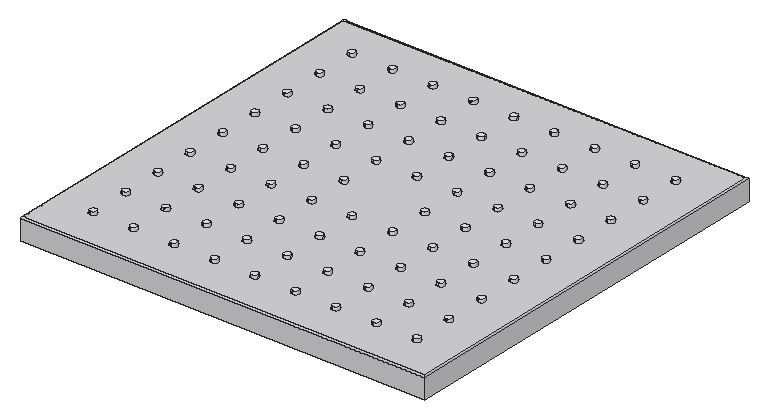
Revit family "Shower-Rainhead-KOHLER-Katalyst-13695W_1", category Plumbing Fixtures, host Face, Revit 2017
Family settings
  Host = Face
  Round Connector Dimension = Use Diameter
  Part Type = Normal
  OmniClass Number = 23.31.17.00
  OmniClass Title = Showers
  Cut with Voids When Loaded = No
  Shared = No
  Room Calculation Point = No
Parameters (values of type "CP-Polished Chrome")
  Width = 7 127/128"  # constant formula
  WaterSense Certified = 1 = 0  # no
  Waste Water Outlet = "Waste Water Outlet"  # constant formula
  Waste Connection = 1 = 0  # no
  Vent Connection = 1 = 0  # no
  URL = "https://www.kohler.co.uk/"
  Type = 1
  Product Page URL = "https://www.kohler.co.uk/showering/water-delivery/rainheads/katalyst-contemporary-square-rainhead-8in/"
  Product Name = "Katalyst"  # constant formula
  Product Documentation Link = "https://resources.kohler.com/plumbing/kohleruk/pdf/P6417%20Contemporary%20Square%20Rainheads.pdf"
  Pressure = 7.252 psi  # constant formula
  Panel Thickness = 0"
  Model = "13695W-CP"  # constant formula
  Material = "Brass Construction"  # constant formula
  Master Format 2014 Name = "Residential Showers"  # constant formula
  Master Format 2014 = "22 42 23"  # constant formula
  Manufacturer Address = "Cromwell Road, Cheltenham, Gloucestershire. GL52 5EP Registered in England No. 252115"  # constant formula
  Manufacturer = "KOHLER Co."  # constant formula
  Length = 7 127/128"  # constant formula
  Hot Water Inlet = "Tempered Water Inlet"  # constant formula
  Height = 2 97/128"  # constant formula
  HW Connection = 1 = 1  # yes
  Flow Rate = 0 GPM
  Finish = Kohler-Metal-CP-Polished_Chrome
  Environmental Product Declaration = ""
  Drain Included = 1 = 0  # no
  Description = "Contemporary square rainhead 8 inch"  # constant formula
  Default Elevation = 0"
  Declare Label = ""
  Date Modified = "07/24/2020"  # constant formula
  Date Created = "07/24/2020"  # constant formula
  Copyright = "Copyright KOHLER Co."  # constant formula
  Contact Us = "https://www.kohler.co.uk/support/contact/"
  Cold Water Inlet = "Cold Water Inlet"  # constant formula
  CW Connection = 1 = 0  # no
  Assembly Code = "D2010700"
  ADA Compliant = 1 = 0  # no
Reference planes (in)
  plane 1 "Center (Front/Back)": y = 0
  plane 2: z = 0
  plane 3 "Center (Left/Right)": x = 0
  plane 4: x = -3.996063
  plane 5: x = 3.9961245
  plane 6: x = -0.4949999
  plane 7: x = 0.4949999
  plane 8: y = 3.996063
  plane 9: y = -3.9961245
  plane 10: y = 0.4949999
  plane 11: y = -0.4949999
  plane 12: z = 2.7578125
  plane 13: z = 1.2065354
Dimensions and locks (in)
  "Width": plane 4 to plane 5
  "Length": plane 8 to plane 9
  "Height": plane 12 to level
  aligned and locked: plane 2 to host face
  aligned and locked: level to host face
  aligned and locked: plane 3 "Center (Left/Right)" to nested 1
Automatic sketch dimensions
  host sketch curve to host sketch curve = 96"  (x2)
Nested families (in)
  nested 1: "13695W" at (0, 0, 0), type "13695W"
Connectors (in)
  piping at (0, 0, 0), diameter 0.5, driven by "Flow Rate", driven by "Pressure", driven by "HW Connection", driven by "Hot Water Inlet"
    settings: on nested 1, index 1, connector inside diameter 24", connector length 0", flow factor 0, pipe flow 0 GPM, pressure drop 7.252 psi, fitting loss kfactor 0, connector angle 0.00°, fixture units 0, engagement length 0", angle of deflection 0.00°, flow configuration 0, flow direction 1, fitting loss method 4, system type 19, joint type 0, gender type 0, connector reference index -1, connector utility 1, adjustable connector no, is connector primary yes, connector description "Tempered Water Inlet"
Definition of nested family "13695W"
  Parameters (values of type "13695W")
    Material = none
  Reference planes (in)
    plane 1 "Center (Front/Back)": y = 0
    plane 2: z = 0
    plane 3 "Center (Left/Right)": x = 0
    plane 4: x = -3.996063
    plane 5: x = 3.996063
    plane 6: y = 3.996063
    plane 7: y = -3.996063
    plane 8: z = 2.7559055
    plane 9: z = 1.2065354
    plane 10: y = 0.4949999
    plane 11: y = -0.4949999
    plane 12: x = 0.4949999
    plane 13: x = -0.4949999
  Forms (in)
    Revolve 1, solid, material <- "Material", detail levels medium+fine
      sketch origin (0, 0, 0) x (0, 1, 0) y (0, 0, 1)
        loop
          line (0, 2.2734646) -> (-0.7185038, 2.2734646) -> (-0.7185038, 1.2065354) -> (-0.4441532, 1.2065354)
          arc (-0.4441532, 1.2065354) -> (-0.3955146, 1.1396082) -> (-0.3359782, 1.0821591) r 0.4739368
          arc (-0.3359782, 1.0821591) -> (-0.3108609, 1.0181229) -> (-0.3530283, 0.9637774) r 0.0696027
          arc (-0.3530283, 0.9637774) -> (-0.4562491, 0.8788874) -> (-0.495, 0.7509843) r 0.2304574
          line (-0.495, 0.7509843) -> (-0.495, 0.0228765)
          arc (-0.495, 0.0228765) -> (-0.4882996, 0.0067004) -> (-0.4721235, 0) r 0.0228765
          line (-0.4721235, 0) -> (0, 0) -> (0, 2.2734646)
        axis (0, 2.2734646) -> (0, 0)
      angle from 0 to 360
    Extrusion 2, void
      sketch origin (0, 0, 0) x (0, 1, 0) y (0, 0, 1)
        loop
          line (0.1949037, 0.1843319) -> (0.1949039, 0.7408901)
          arc (0.1949039, 0.7408901) -> (0.1767799, 0.8058173) -> (0.1276484, 0.8519706) r 0.125359
          arc (0.1276484, 0.8519706) -> (0.0657231, 0.8753822) -> (0, 0.8833394) r 0.2754029
          arc (0, 0.8833394) -> (-0.064471, 0.8756868) -> (-0.1253591, 0.8531545) r 0.2754029
          arc (-0.1253591, 0.8531545) -> (-0.1746555, 0.8074934) -> (-0.192873, 0.7428158) r 0.1239207
          line (-0.192873, 0.7428158) -> (-0.192873, 0.183977)
          arc (-0.192873, 0.183977) -> (-0.1881789, 0.1687875) -> (-0.1757333, 0.1588947) r 0.0269227
          arc (-0.1757333, 0.1588947) -> (0.0010312, 0.125715) -> (0.1777427, 0.1591755) r 0.4853916
          arc (0.1777427, 0.1591755) -> (0.1902049, 0.1691057) -> (0.1949037, 0.1843319) r 0.027019
      from 0.4464726 to 0.5295908
    Extrusion 3, void
      sketch origin (0, 0, 0) x (0, 1, 0) y (0, 0, -1)
        loop
          arc (0.1949037, -0.1843319) -> (0.1902049, -0.1691057) -> (0.1777427, -0.1591755) r 0.027019
          arc (0.1777427, -0.1591755) -> (0.0010312, -0.125715) -> (-0.1757333, -0.1588947) r 0.4853916
          arc (-0.1757333, -0.1588947) -> (-0.1881789, -0.1687875) -> (-0.192873, -0.183977) r 0.0269227
          line (-0.192873, -0.183977) -> (-0.192873, -0.7428158)
          arc (-0.192873, -0.7428158) -> (-0.1746555, -0.8074934) -> (-0.1253591, -0.8531545) r 0.1239207
          arc (-0.1253591, -0.8531545) -> (-0.064471, -0.8756868) -> (0, -0.8833394) r 0.2754029
          arc (0, -0.8833394) -> (0.0657231, -0.8753822) -> (0.1276484, -0.8519706) r 0.2754029
          arc (0.1276484, -0.8519706) -> (0.1767799, -0.8058173) -> (0.1949039, -0.7408901) r 0.125359
          line (0.1949039, -0.7408901) -> (0.1949037, -0.1843319)
      from 0.4464726 to 0.5295908
    Extrusion 4, void
      sketch origin (0, 0, 0) x (1, 0, 0) y (0, 0, 1)
        loop
          line (-0.2038614, 1.6789764) -> (-0.2038614, 1.1948167) -> (0.2038614, 1.1948167) -> (0.2038614, 1.6789764) -> (-0.2038614, 1.6789764)
      from 0.6889764 to 0.7565506
    Extrusion 5, void
      sketch origin (0, 0, 0) x (1, 0, 0) y (0, 0, -1)
        loop
          line (-0.2038614, -1.6789764) -> (0.2038614, -1.6789764) -> (0.2038614, -1.1948167) -> (-0.2038614, -1.1948167) -> (-0.2038614, -1.6789764)
      from 0.6889764 to 0.7565506
    Sweep 6, solid, material <- "Material", detail levels medium+fine
      path origin (0, 0, 0) x (1, 0, 0) y (0, 1, 0)
        loop
          line (-4, 4) -> (-4, -4) -> (4, -4) -> (4, 4) -> (-4, 4)
      profile origin (-4, 0, 0) x (1, 0, 0) y (0, 0, 1)
        loop
          arc (0.03125, 2.7) -> (0.0091529, 2.6908471) -> (0, 2.66875) r 0.03125
          line (0, 2.66875) -> (0, 2.2734646) -> (0.3870368, 2.2734646) -> (0.3870368, 2.7) -> (0.03125, 2.7)
    Extrusion 7, solid, material <- "Material", detail levels medium+fine
      sketch origin (0, 0, 0) x (1, 0, 0) y (0, 1, 0)
        loop
          line (-3.6129632, -3.6129632) -> (3.6129632, -3.6129632) -> (3.6129632, 3.6129632) -> (-3.6129632, 3.6129632) -> (-3.6129632, -3.6129632)
      from 2.2734646 to 2.7
    Extrusion 8, void
      sketch origin (0, 0, 0) x (1, 0, 0) y (0, 1, 0)
        loop
          circle (0.8007813, 0) r 0.074277
        loop
          circle (1.6015625, 0) r 0.074277
        loop
          circle (2.4023438, 0) r 0.074277
        loop
          circle (3.203125, 0) r 0.074277
        loop
          circle (3.203125, -0.8007813) r 0.074277
        loop
          circle (2.4023438, -0.8007813) r 0.074277
        loop
          circle (1.6015625, -0.8007813) r 0.074277
        loop
          circle (0.8007813, -0.8007813) r 0.074277
        loop
          circle (0.8007813, -1.6015625) r 0.074277
        loop
          circle (1.6015625, -1.6015625) r 0.074277
        loop
          circle (2.4023438, -1.6015625) r 0.074277
        loop
          circle (3.203125, -1.6015625) r 0.074277
        loop
          circle (2.4023438, -2.4023438) r 0.074277
        loop
          circle (1.6015625, -2.4023438) r 0.074277
        loop
          circle (0.8007813, -2.4023438) r 0.074277
        loop
          circle (0.8007813, -3.203125) r 0.074277
        loop
          circle (1.6015625, -3.203125) r 0.074277
        loop
          circle (2.4023438, -3.203125) r 0.074277
        loop
          circle (3.203125, -3.203125) r 0.074277
        loop
          circle (3.203125, -2.4023438) r 0.074277
        loop
          circle (-3.203125, -0.8007813) r 0.074277
        loop
          circle (-2.4023437, -0.8007813) r 0.074277
        loop
          circle (-1.6015625, -0.8007813) r 0.074277
        loop
          circle (-0.8007812, -0.8007813) r 0.074277
        loop
          circle (-0.8007812, -1.6015625) r 0.074277
        loop
          circle (-1.6015625, -1.6015625) r 0.074277
        loop
          circle (-2.4023437, -1.6015625) r 0.074277
        loop
          circle (-3.203125, -1.6015625) r 0.074277
        loop
          circle (-2.4023437, -2.4023438) r 0.074277
        loop
          circle (-1.6015625, -2.4023438) r 0.074277
        loop
          circle (-0.8007812, -2.4023438) r 0.074277
        loop
          circle (-0.8007812, -3.203125) r 0.074277
        loop
          circle (-1.6015625, -3.203125) r 0.074277
        loop
          circle (-2.4023437, -3.203125) r 0.074277
        loop
          circle (-3.203125, -3.203125) r 0.074277
        loop
          circle (-3.203125, -2.4023438) r 0.074277
        loop
          circle (-3.203125, 0.8007812) r 0.074277
        loop
          circle (-2.4023437, 0.8007812) r 0.074277
        loop
          circle (-1.6015625, 0.8007812) r 0.074277
        loop
          circle (-0.8007812, 0.8007812) r 0.074277
        loop
          circle (-0.8007812, 1.6015625) r 0.074277
        loop
          circle (-1.6015625, 1.6015625) r 0.074277
        loop
          circle (-2.4023437, 1.6015625) r 0.074277
        loop
          circle (-3.203125, 1.6015625) r 0.074277
        loop
          circle (-2.4023437, 2.4023437) r 0.074277
        loop
          circle (-1.6015625, 2.4023437) r 0.074277
        loop
          circle (-0.8007812, 2.4023437) r 0.074277
        loop
          circle (-0.8007812, 3.203125) r 0.074277
        loop
          circle (-1.6015625, 3.203125) r 0.074277
        loop
          circle (-2.4023437, 3.203125) r 0.074277
        loop
          circle (-3.203125, 3.203125) r 0.074277
        loop
          circle (-3.203125, 2.4023437) r 0.074277
        loop
          circle (3.203125, 0.8007812) r 0.074277
        loop
          circle (2.4023438, 0.8007812) r 0.074277
        loop
          circle (1.6015625, 0.8007812) r 0.074277
        loop
          circle (0.8007813, 0.8007812) r 0.074277
        loop
          circle (0.8007813, 1.6015625) r 0.074277
        loop
          circle (1.6015625, 1.6015625) r 0.074277
        loop
          circle (2.4023438, 1.6015625) r 0.074277
        loop
          circle (3.203125, 1.6015625) r 0.074277
        loop
          circle (2.4023438, 2.4023437) r 0.074277
        loop
          circle (1.6015625, 2.4023437) r 0.074277
        loop
          circle (0.8007813, 2.4023437) r 0.074277
        loop
          circle (0.8007813, 3.203125) r 0.074277
        loop
          circle (1.6015625, 3.203125) r 0.074277
        loop
          circle (2.4023438, 3.203125) r 0.074277
        loop
          circle (3.203125, 3.203125) r 0.074277
        loop
          circle (3.203125, 2.4023437) r 0.074277
        loop
          circle (-0.8007813, 0) r 0.074277
        loop
          circle (-1.6015625, 0) r 0.074277
        loop
          circle (-2.4023438, 0) r 0.074277
        loop
          circle (-3.203125, 0) r 0.074277
        loop
          circle (0, 3.203125) r 0.074277
        loop
          circle (0, 2.4023437) r 0.074277
        loop
          circle (0, 1.6015625) r 0.074277
        loop
          circle (0, 0.8007812) r 0.074277
        loop
          circle (0, -3.203125) r 0.074277
        loop
          circle (0, -2.4023437) r 0.074277
        loop
          circle (0, -1.6015625) r 0.074277
        loop
          circle (0, -0.8007812) r 0.074277
      from 2.5451181 to 2.8387985
    Extrusion 9, solid, material <- "Material", detail levels coarse
      sketch origin (0, 0, 0) x (1, 0, 0) y (0, 1, 0)
        loop
          circle (0, 0) r 0.7262627
      from 0 to 2.2734646
    Extrusion 10, solid, material <- "Material", detail levels coarse
      sketch origin (0, 0, 0) x (1, 0, 0) y (0, 1, 0)
        loop
          line (-4, 4) -> (-4, -4) -> (4, -4) -> (4, 4) -> (-4, 4)
      from 2.2734646 to 2.75
    Extrusion 11, solid, detail levels medium+fine
      sketch origin (0, 0, 0) x (1, 0, 0) y (0, 1, 0)
        loop
          circle (-3.2, 3.1986313) r 0.0639382
        loop
          circle (-2.4, 3.1986313) r 0.0639382
        loop
          circle (-1.6, 3.1986313) r 0.0639382
        loop
          circle (-0.8, 3.1986313) r 0.0639382
        loop
          circle (0, 3.1986313) r 0.0643354
        loop
          circle (0.8, 3.1986313) r 0.0639382
        loop
          circle (1.6, 3.1986313) r 0.0639382
        loop
          circle (2.4, 3.1986313) r 0.0639382
        loop
          circle (3.2, 3.1986313) r 0.0639382
        loop
          circle (3.2, 2.3986313) r 0.0639382
        loop
          circle (2.4, 2.3986313) r 0.0639382
        loop
          circle (1.6, 2.3986313) r 0.0639382
        loop
          circle (0.8, 2.3986313) r 0.0639382
        loop
          circle (0, 2.3986313) r 0.0642809
        loop
          circle (-0.8, 2.3986313) r 0.0639382
        loop
          circle (-1.6, 2.3986313) r 0.0639382
        loop
          circle (-2.4, 2.3986313) r 0.0639382
        loop
          circle (-3.2, 2.3986313) r 0.0639382
        loop
          circle (-3.2, 1.5986313) r 0.0639382
        loop
          circle (-2.4, 1.5986313) r 0.0639382
        loop
          circle (-1.6, 1.5986313) r 0.0639382
        loop
          circle (-0.8, 1.5986313) r 0.0639382
        loop
          circle (0, 1.5986313) r 0.0640079
        loop
          circle (0.8, 1.5986313) r 0.0639382
        loop
          circle (1.6, 1.5986313) r 0.0639382
        loop
          circle (2.4, 1.5986313) r 0.0639382
        loop
          circle (3.2, 1.5986313) r 0.0639382
        loop
          circle (3.2, 0.7986313) r 0.0639382
        loop
          circle (2.4, 0.7986313) r 0.0639382
        loop
          circle (1.6, 0.7986313) r 0.0639382
        loop
          circle (1.6, 0.0013687) r 0.0639382
        loop
          circle (2.4, 0.0013687) r 0.0639382
        loop
          circle (3.2, 0.0013687) r 0.0639382
        loop
          circle (0.8, 0.7986313) r 0.0639382
        loop
          circle (0.8, 0.0013687) r 0.0639382
        loop
          circle (0, 0.7986313) r 0.0639382
        loop
          circle (-0.8, 0.0013687) r 0.0639382
        loop
          circle (-0.8, 0.7986313) r 0.0639382
        loop
          circle (-1.6, 0.0013687) r 0.0639382
        loop
          circle (-1.6, 0.7986313) r 0.0639382
        loop
          circle (-2.4, 0.7986313) r 0.0639382
        loop
          circle (-2.4, 0.0013687) r 0.0639382
        loop
          circle (-3.2, 0.7986313) r 0.0639382
        loop
          circle (-3.2, 0.0013687) r 0.0639382
        loop
          circle (-3.2, -3.1986313) r 0.0639382
        loop
          circle (-2.4, -3.1986313) r 0.0639382
        loop
          circle (-1.6, -3.1986313) r 0.0639382
        loop
          circle (-0.8, -3.1986313) r 0.0639382
        loop
          circle (0, -3.1986313) r 0.0643354
        loop
          circle (0.8, -3.1986313) r 0.0639382
        loop
          circle (1.6, -3.1986313) r 0.0639382
        loop
          circle (2.4, -3.1986313) r 0.0639382
        loop
          circle (3.2, -3.1986313) r 0.0639382
        loop
          circle (3.2, -2.3986313) r 0.0639382
        loop
          circle (2.4, -2.3986313) r 0.0639382
        loop
          circle (1.6, -2.3986313) r 0.0639382
        loop
          circle (0.8, -2.3986313) r 0.0639382
        loop
          circle (0, -2.3986313) r 0.0642809
        loop
          circle (-0.8, -2.3986313) r 0.0639382
        loop
          circle (-1.6, -2.3986313) r 0.0639382
        loop
          circle (-2.4, -2.3986313) r 0.0639382
        loop
          circle (-3.2, -2.3986313) r 0.0639382
        loop
          circle (-3.2, -1.5986313) r 0.0639382
        loop
          circle (-2.4, -1.5986313) r 0.0639382
        loop
          circle (-1.6, -1.5986313) r 0.0639382
        loop
          circle (-0.8, -1.5986313) r 0.0639382
        loop
          circle (0, -1.5986313) r 0.0640079
        loop
          circle (0.8, -1.5986313) r 0.0639382
        loop
          circle (1.6, -1.5986313) r 0.0639382
        loop
          circle (2.4, -1.5986313) r 0.0639382
        loop
          circle (3.2, -1.5986313) r 0.0639382
        loop
          circle (3.2, -0.7986313) r 0.0639382
        loop
          circle (2.4, -0.7986313) r 0.0639382
        loop
          circle (1.6, -0.7986313) r 0.0639382
        loop
          circle (0.8, -0.7986313) r 0.0639382
        loop
          circle (0, -0.7986313) r 0.0639382
        loop
          circle (-0.8, -0.7986313) r 0.0639382
        loop
          circle (-1.6, -0.7986313) r 0.0639382
        loop
          circle (-2.4, -0.7986313) r 0.0639382
        loop
          circle (-3.2, -0.7986313) r 0.0639382
      from 2.5451181 to 2.75
    Extrusion 12, solid, material <- "Material", detail levels medium+fine
      sketch origin (0, 0, 0) x (1, 0, 0) y (0, 1, 0)
        loop
          circle (0, 0) r 0.0385249
      from 0 to 0.0631716
  Cuts and joins
    Extrusion 2, Extrusion 3, Extrusion 4, Extrusion 5 cuts Revolve 1
    Extrusion 8 cuts Sweep 6
    Extrusion 8 cuts Extrusion 7
    joined: Revolve 1, Sweep 6, Extrusion 7
    joined: Extrusion 9, Extrusion 10
  Lines and regions (in)
    Masking region 1
      outline origin (0, 0, 0) x (1, 0, 0) y (0, 0, 1)
        loop
          line (-3.2639382, 2.7559055) -> (-3.2639382, 2.7059055) -> (-3.9704177, 2.7059055)
          arc (-3.9704177, 2.7059055) -> (-3.9852316, 2.7019291) -> (-3.996063, 2.6910688) r 0.0295823
          line (-3.996063, 2.6910688) -> (-3.996063, 2.2734646) -> (-0.7185038, 2.2734646) -> (-0.7185038, 1.2065354) -> (-0.4430805, 1.2065354)
          arc (-0.4430805, 1.2065354) -> (-0.4120195, 1.1599688) -> (-0.3747725, 1.118185) r 0.4007034
          arc (-0.3747725, 1.118185) -> (-0.3540085, 1.098382) -> (-0.3328092, 1.0790458) r 1.289815
          arc (-0.3328092, 1.0790458) -> (-0.3109609, 1.0176019) -> (-0.3509435, 0.966084) r 0.0679102
          arc (-0.3509435, 0.966084) -> (-0.4093364, 0.9304909) -> (-0.4558782, 0.8803865) r 0.24961
          line (-0.4558782, 0.8803865) -> (-0.4558782, 0.182729)
          arc (-0.4558782, 0.182729) -> (-0.4588651, 0.1673631) -> (-0.4673906, 0.1542349) r 0.0410189
          line (-0.4673906, 0.1542349) -> (-0.4950045, 0.1256399) -> (-0.4950045, 0.0225493)
          arc (-0.4950045, 0.0225493) -> (-0.4884, 0.0066045) -> (-0.4724552, 0) r 0.0225493
          line (-0.4724552, 0) -> (0.4724552, 0)
          arc (0.4724552, 0) -> (0.4884, 0.0066045) -> (0.4950045, 0.0225493) r 0.0225493
          line (0.4950045, 0.0225493) -> (0.4950045, 0.1256399) -> (0.4673906, 0.1542349)
          arc (0.4673906, 0.1542349) -> (0.4588651, 0.1673631) -> (0.4558782, 0.182729) r 0.0410189
          line (0.4558782, 0.182729) -> (0.4558782, 0.8803865)
          arc (0.4558782, 0.8803865) -> (0.4093364, 0.9304909) -> (0.3509435, 0.966084) r 0.24961
          arc (0.3509435, 0.966084) -> (0.3109609, 1.0176019) -> (0.3328092, 1.0790458) r 0.0679102
          arc (0.3328092, 1.0790458) -> (0.3540085, 1.098382) -> (0.3747725, 1.118185) r 1.289815
          arc (0.3747725, 1.118185) -> (0.4120195, 1.1599688) -> (0.4430805, 1.2065354) r 0.4007034
          line (0.4430805, 1.2065354) -> (0.7185038, 1.2065354) -> (0.7185038, 2.2734646) -> (3.996063, 2.2734646) -> (3.996063, 2.6910688)
          arc (3.996063, 2.6910688) -> (3.9852316, 2.7019291) -> (3.9704177, 2.7059055) r 0.0295823
          line (3.9704177, 2.7059055) -> (3.2639382, 2.7059055) -> (3.2639382, 2.7559055) -> (3.1360618, 2.7559055) -> (3.1360618, 2.7059055) -> (2.4639382, 2.7059055) -> (2.4639382, 2.7559055) -> (2.3360618, 2.7559055) -> (2.3360618, 2.7059055) -> (1.6639382, 2.7059055) -> (1.6639382, 2.7559055) -> (1.5360618, 2.7559055) -> (1.5360618, 2.7059055) -> (0.8639382, 2.7059055) -> (0.8639382, 2.7559055) -> (0.7360618, 2.7559055) -> (0.7360618, 2.7059055) -> (0.0639382, 2.7059055) -> (0.0639382, 2.7559055) -> (-0.0639382, 2.7559055) -> (-0.0639382, 2.7059055) -> (-0.7360618, 2.7059055) -> (-0.7360618, 2.7559055) -> (-0.8639382, 2.7559055) -> (-0.8639382, 2.7059055) -> (-1.5360618, 2.7059055) -> (-1.5360618, 2.7559055) -> (-1.6639382, 2.7559055) -> (-1.6639382, 2.7059055) -> (-2.3360618, 2.7059055) -> (-2.3360618, 2.7559055) -> (-2.4639382, 2.7559055) -> (-2.4639382, 2.7059055) -> (-3.1360618, 2.7059055) -> (-3.1360618, 2.7559055) -> (-3.2639382, 2.7559055)
    Masking region 2
      outline origin (0, 0, 0) x (0, 1, 0) y (0, 0, 1)
        loop
          line (3.2625695, 2.7559055) -> (3.134693, 2.7559055) -> (3.134693, 2.7059055) -> (2.8898292, 2.7059055) -> (2.4625695, 2.7059055) -> (2.4625695, 2.7559055) -> (2.334693, 2.7559055) -> (2.334693, 2.7059055) -> (1.6625695, 2.7059055) -> (1.6625695, 2.7559055) -> (1.534693, 2.7559055) -> (1.534693, 2.7059055) -> (0.8625695, 2.7059055) -> (0.8625695, 2.7559055) -> (0.734693, 2.7559055) -> (0.734693, 2.7059055) -> (0.065307, 2.7059055) -> (0.065307, 2.7559055) -> (-0.0625695, 2.7559055) -> (-0.0625695, 2.7059055) -> (-0.734693, 2.7059055) -> (-0.734693, 2.7559055) -> (-0.8625695, 2.7559055) -> (-0.8625695, 2.7059055) -> (-1.534693, 2.7059055) -> (-1.534693, 2.7559055) -> (-1.6625695, 2.7559055) -> (-1.6625695, 2.7059055) -> (-2.334693, 2.7059055) -> (-2.334693, 2.7559055) -> (-2.4625695, 2.7559055) -> (-2.4625695, 2.7059055) -> (-2.8898292, 2.7059055) -> (-3.134693, 2.7059055) -> (-3.134693, 2.7559055) -> (-3.2625695, 2.7559055) -> (-3.2625695, 2.7059055) -> (-3.9684791, 2.7059055)
          arc (-3.9684791, 2.7059055) -> (-3.9844906, 2.701536) -> (-3.996063, 2.689639) r 0.0315209
          line (-3.996063, 2.689639) -> (-3.996063, 2.2734646) -> (-0.7185038, 2.2734646) -> (-0.7185038, 1.6789764) -> (-0.6874846, 1.6789764) -> (-0.6874846, 1.2065354) -> (-0.4441532, 1.2065354)
          arc (-0.4441532, 1.2065354) -> (-0.3965976, 1.1398247) -> (-0.3372189, 1.0833798) r 0.428653
          arc (-0.3372189, 1.0833798) -> (-0.3111412, 1.0188165) -> (-0.3539019, 0.963862) r 0.0697564
          arc (-0.3539019, 0.963862) -> (-0.456446, 0.8804392) -> (-0.4949999, 0.7539946) r 0.2266262
          line (-0.4949999, 0.7539946) -> (-0.4949999, 0.0233667)
          arc (-0.4949999, 0.0233667) -> (-0.488156, 0.0068439) -> (-0.4716332, 0) r 0.0233667
          line (-0.4716332, 0) -> (0.4716332, 0)
          arc (0.4716332, 0) -> (0.488156, 0.0068439) -> (0.4949999, 0.0233667) r 0.0233667
          line (0.4949999, 0.0233667) -> (0.4949999, 0.7539946)
          arc (0.4949999, 0.7539946) -> (0.456446, 0.8804392) -> (0.3539019, 0.963862) r 0.2266262
          arc (0.3539019, 0.963862) -> (0.3111412, 1.0188165) -> (0.3372189, 1.0833798) r 0.0697564
          arc (0.3372189, 1.0833798) -> (0.3965976, 1.1398247) -> (0.4441532, 1.2065354) r 0.428653
          line (0.4441532, 1.2065354) -> (0.6874846, 1.2065354) -> (0.6874846, 1.6789764) -> (0.7185038, 1.6789764) -> (0.7185038, 2.2734646) -> (3.996063, 2.2734646) -> (3.996063, 2.689639)
          arc (3.996063, 2.689639) -> (3.9844906, 2.701536) -> (3.9684791, 2.7059055) r 0.0315209
          line (3.9684791, 2.7059055) -> (3.2625695, 2.7059055) -> (3.2625695, 2.7559055)
    Masking region 3
      outline origin (0, 0, 0) x (1, 0, 0) y (0, 1, 0)
        loop
          line (3.996063, 3.996063) -> (-3.996063, 3.996063) -> (-3.996063, -3.996063) -> (3.996063, -3.996063) -> (3.996063, 3.996063)
    symbolic lines, detail levels medium+fine
      curve 1: line (-0.203861, 0, 1.2065354) -> (-0.203861, 0, 1.6789764)
      curve 2: line (0.203861, 0, 1.6789764) -> (-0.203861, 0, 1.6789764)
      curve 3: line (0.203861, 0, 1.6789764) -> (0.203861, 0, 1.2065354)
      curve 4: line (-0.4441532, 0, 1.2065354) -> (0.4430805, 0, 1.2065354)
      curve 5: line (-3.2639382, 0, 2.7059053) -> (-3.1360618, 0, 2.7059053)
      curve 6: line (-2.4639382, 0, 2.7059053) -> (-2.3360618, 0, 2.7059053)
      curve 7: line (-1.6639382, 0, 2.7059053) -> (-1.5360618, 0, 2.7059053)
      curve 8: line (-0.8639382, 0, 2.7059053) -> (-0.7360618, 0, 2.7059053)
      curve 9: line (-0.0639382, 0, 2.7059053) -> (0.0639382, 0, 2.7059053)
      curve 10: line (0.7360618, 0, 2.7059053) -> (0.8639382, 0, 2.7059053)
      curve 11: line (1.5360618, 0, 2.7059053) -> (1.6639382, 0, 2.7059053)
      curve 12: line (2.3360618, 0, 2.7059053) -> (2.4639382, 0, 2.7059053)
      curve 13: line (3.1360618, 0, 2.7059053) -> (3.2639382, 0, 2.7059053)
      curve 14: line (0, 0.4441532, 1.2065354) -> (0, -0.4441532, 1.2065354)
      curve 15: arc (0, 0, 0.8833394) -> (0, 0.0657231, 0.8753822) -> (0, 0.1276484, 0.8519706) r 0.2754029
      curve 16: arc (0, 0.1276484, 0.8519706) -> (0, 0.1767799, 0.8058173) -> (0, 0.1949039, 0.7408901) r 0.125359
      curve 17: line (0, 0.1949037, 0.1843319) -> (0, 0.1949039, 0.7408901)
      curve 18: arc (0, 0.1949037, 0.1843319) -> (0, 0.1902049, 0.1691057) -> (0, 0.1777427, 0.1591755) r 0.027019
      curve 19: arc (0, -0.1757333, 0.1588947) -> (0, -0.1881789, 0.1687875) -> (0, -0.192873, 0.183977) r 0.0269227
      curve 20: line (0, -0.192873, 0.7428158) -> (0, -0.192873, 0.183977)
      curve 21: arc (0, -0.192873, 0.7428158) -> (0, -0.1746555, 0.8074934) -> (0, -0.1253591, 0.8531545) r 0.1239207
      curve 22: arc (0, -0.1253591, 0.8531545) -> (0, -0.064471, 0.8756868) -> (0, 0, 0.8833394) r 0.2754029
      curve 23: arc (0, 0.1777427, 0.1591755) -> (0, 0.0010312, 0.125715) -> (0, -0.1757333, 0.1588947) r 0.4853916
      curve 24: line (0, 3.2625695, 2.7059056) -> (0, 3.134693, 2.7059056)
      curve 25: line (0, 2.4625695, 2.7059056) -> (0, 2.334693, 2.7059056)
      curve 26: line (0, 1.6625695, 2.7059056) -> (0, 1.534693, 2.7059056)
      curve 27: line (0, 0.8625695, 2.7059056) -> (0, 0.734693, 2.7059056)
      curve 28: line (0, 0.065307, 2.7059056) -> (0, -0.0625695, 2.7059056)
      curve 29: line (0, -0.734693, 2.7059056) -> (0, -0.8625695, 2.7059056)
      curve 30: line (0, -1.534693, 2.7059056) -> (0, -1.6625695, 2.7059056)
      curve 31: line (0, -2.334693, 2.7059056) -> (0, -2.4625695, 2.7059056)
      curve 32: line (0, -3.134693, 2.7059056) -> (0, -3.2625695, 2.7059056)
      curve 33: line (0, 0.7185038, 2.2734646) -> (0, -0.7185038, 2.2734646)
      curve 34: line (-0.7185038, 0, 2.2734646) -> (0.7185038, 0, 2.2734646)
      curve 35: arc (-3.128848, 3.203125, 0) -> (-3.203125, 3.277402, 0) -> (-3.277402, 3.203125, 0) r 0.074277
      curve 36: arc (-3.277402, 3.203125, 0) -> (-3.203125, 3.128848, 0) -> (-3.128848, 3.203125, 0) r 0.074277
      curve 37: arc (-3.2, 3.2625695, 0) -> (-3.2639382, 3.1986313, 0) -> (-3.2, 3.134693, 0) r 0.0639382
      curve 38: arc (-3.2, 3.134693, 0) -> (-3.1360618, 3.1986313, 0) -> (-3.2, 3.2625695, 0) r 0.0639382
      curve 39: arc (-3.128848, 2.4023437, 0) -> (-3.203125, 2.4766208, 0) -> (-3.277402, 2.4023437, 0) r 0.074277
      curve 40: arc (-3.2, 2.4625695, 0) -> (-3.2639382, 2.3986313, 0) -> (-3.2, 2.334693, 0) r 0.0639382
      curve 41: arc (-3.2, 2.334693, 0) -> (-3.1360618, 2.3986313, 0) -> (-3.2, 2.4625695, 0) r 0.0639382
      curve 42: arc (-3.277402, 2.4023437, 0) -> (-3.203125, 2.3280667, 0) -> (-3.128848, 2.4023437, 0) r 0.074277
      curve 43: arc (-3.128848, 1.6015625, 0) -> (-3.203125, 1.6758395, 0) -> (-3.277402, 1.6015625, 0) r 0.074277
      curve 44: arc (-3.277402, 1.6015625, 0) -> (-3.203125, 1.5272855, 0) -> (-3.128848, 1.6015625, 0) r 0.074277
      curve 45: arc (-3.2, 1.6625695, 0) -> (-3.2639382, 1.5986313, 0) -> (-3.2, 1.534693, 0) r 0.0639382
      curve 46: arc (-3.2, 1.534693, 0) -> (-3.1360618, 1.5986313, 0) -> (-3.2, 1.6625695, 0) r 0.0639382
      curve 47: arc (-3.128848, 0.8007812, 0) -> (-3.203125, 0.8750583, 0) -> (-3.277402, 0.8007812, 0) r 0.074277
      curve 48: arc (-3.277402, 0.8007812, 0) -> (-3.203125, 0.7265042, 0) -> (-3.128848, 0.8007812, 0) r 0.074277
      curve 49: arc (-3.2, 0.8625695, 0) -> (-3.2639382, 0.7986313, 0) -> (-3.2, 0.734693, 0) r 0.0639382
      curve 50: arc (-3.2, 0.734693, 0) -> (-3.1360618, 0.7986313, 0) -> (-3.2, 0.8625695, 0) r 0.0639382
      curve 51: arc (-3.128848, 0, 0) -> (-3.203125, 0.074277, 0) -> (-3.277402, 0, 0) r 0.074277
      curve 52: arc (-3.277402, 0, 0) -> (-3.203125, -0.074277, 0) -> (-3.128848, 0, 0) r 0.074277
      curve 53: circle (-3.2, 0.0013687, 0) r 0.0639382 normal (0, 0, -1)
      curve 54: arc (-2.3280667, 2.4023437, 0) -> (-2.4023437, 2.4766208, 0) -> (-2.4766208, 2.4023437, 0) r 0.074277
      curve 55: arc (-2.4766208, 2.4023437, 0) -> (-2.4023437, 2.3280667, 0) -> (-2.3280667, 2.4023437, 0) r 0.074277
      curve 56: arc (-2.4, 2.4625695, 0) -> (-2.4639382, 2.3986313, 0) -> (-2.4, 2.334693, 0) r 0.0639382
      curve 57: arc (-2.4, 2.334693, 0) -> (-2.3360618, 2.3986313, 0) -> (-2.4, 2.4625695, 0) r 0.0639382
      curve 58: arc (-2.3280667, 1.6015625, 0) -> (-2.4023437, 1.6758395, 0) -> (-2.4766208, 1.6015625, 0) r 0.074277
      curve 59: arc (-2.4766208, 1.6015625, 0) -> (-2.4023437, 1.5272855, 0) -> (-2.3280667, 1.6015625, 0) r 0.074277
      curve 60: arc (-2.4, 1.6625695, 0) -> (-2.4639382, 1.5986313, 0) -> (-2.4, 1.534693, 0) r 0.0639382
      curve 61: arc (-2.4, 1.534693, 0) -> (-2.3360618, 1.5986313, 0) -> (-2.4, 1.6625695, 0) r 0.0639382
      curve 62: arc (-2.3280667, 0.8007812, 0) -> (-2.4023437, 0.8750583, 0) -> (-2.4766208, 0.8007812, 0) r 0.074277
      curve 63: arc (-2.4, 0.8625695, 0) -> (-2.4639382, 0.7986313, 0) -> (-2.4, 0.734693, 0) r 0.0639382
      curve 64: arc (-2.4, 0.734693, 0) -> (-2.3360618, 0.7986313, 0) -> (-2.4, 0.8625695, 0) r 0.0639382
      curve 65: arc (-2.4766208, 0.8007812, 0) -> (-2.4023437, 0.7265042, 0) -> (-2.3280667, 0.8007812, 0) r 0.074277
      curve 66: arc (-2.3280667, 0, 0) -> (-2.4023438, 0.074277, 0) -> (-2.4766208, 0, 0) r 0.074277
      curve 67: arc (-2.4766208, 0, 0) -> (-2.4023438, -0.074277, 0) -> (-2.3280667, 0, 0) r 0.074277
      curve 68: circle (-2.4, 0.0013687, 0) r 0.0639382 normal (0, 0, -1)
      curve 69: circle (-1.6, 0.0013687, 0) r 0.0639382 normal (0, 0, -1)
      curve 70: circle (-0.8, 0.0013687, 0) r 0.0639382 normal (0, 0, -1)
      curve 71: circle (0, 0.7986313, 0) r 0.0639382 normal (0, 0, -1)
      curve 72: circle (0, 3.1986313, 0) r 0.0643354 normal (0, 0, 1)
      curve 73: circle (0, 2.3986313, 0) r 0.0642809 normal (0, 0, 1)
      curve 74: circle (0, 1.5986313, 0) r 0.0640079 normal (0, 0, 1)
      curve 75: arc (-1.6758395, 0.8007812, 0) -> (-1.6015625, 0.7265042, 0) -> (-1.5272855, 0.8007812, 0) r 0.074277
      curve 76: arc (-1.5272855, 0.8007812, 0) -> (-1.6015625, 0.8750583, 0) -> (-1.6758395, 0.8007812, 0) r 0.074277
      curve 77: arc (-1.6, 0.734693, 0) -> (-1.5360618, 0.7986313, 0) -> (-1.6, 0.8625695, 0) r 0.0639382
      curve 78: arc (-1.6, 0.8625695, 0) -> (-1.6639382, 0.7986313, 0) -> (-1.6, 0.734693, 0) r 0.0639382
      curve 79: arc (-1.5272855, 1.6015625, 0) -> (-1.6015625, 1.6758395, 0) -> (-1.6758395, 1.6015625, 0) r 0.074277
      curve 80: arc (-1.6758395, 1.6015625, 0) -> (-1.6072274, 1.5275018, 0) -> (-1.5281496, 1.5902657, 0) r 0.074277
      curve 81: arc (-1.6, 1.534693, 0) -> (-1.5360618, 1.5986313, 0) -> (-1.6, 1.6625695, 0) r 0.0639382
      curve 82: arc (-1.6, 1.6625695, 0) -> (-1.6639382, 1.5986313, 0) -> (-1.6, 1.534693, 0) r 0.0639382
      curve 83: arc (-1.5272855, 2.4023437, 0) -> (-1.6015625, 2.4766208, 0) -> (-1.6758395, 2.4023437, 0) r 0.074277
      curve 84: arc (-1.6758395, 2.4023437, 0) -> (-1.6015625, 2.3280667, 0) -> (-1.5272855, 2.4023437, 0) r 0.074277
      curve 85: arc (-1.6, 2.334693, 0) -> (-1.5360618, 2.3986313, 0) -> (-1.6, 2.4625695, 0) r 0.0639382
      curve 86: arc (-1.6, 2.4625695, 0) -> (-1.6639382, 2.3986313, 0) -> (-1.6, 2.334693, 0) r 0.0639382
      curve 87: arc (-1.5272855, 3.203125, 0) -> (-1.6015625, 3.277402, 0) -> (-1.6758395, 3.203125, 0) r 0.074277
      curve 88: arc (-1.6758395, 3.203125, 0) -> (-1.6015625, 3.128848, 0) -> (-1.5272855, 3.203125, 0) r 0.074277
      curve 89: arc (-1.6, 3.134693, 0) -> (-1.5360618, 3.1986313, 0) -> (-1.6, 3.2625695, 0) r 0.0639382
      curve 90: arc (-1.6, 3.2625695, 0) -> (-1.6639382, 3.1986313, 0) -> (-1.6, 3.134693, 0) r 0.0639382
      curve 91: arc (-0.7265042, 3.203125, 0) -> (-0.8007812, 3.277402, 0) -> (-0.8750583, 3.203125, 0) r 0.074277
      curve 92: arc (-0.8750583, 3.203125, 0) -> (-0.8007812, 3.128848, 0) -> (-0.7265042, 3.203125, 0) r 0.074277
      curve 93: arc (-0.8, 3.2625695, 0) -> (-0.8639382, 3.1986313, 0) -> (-0.8, 3.134693, 0) r 0.0639382
      curve 94: arc (-0.8, 3.134693, 0) -> (-0.7360618, 3.1986313, 0) -> (-0.8, 3.2625695, 0) r 0.0639382
      curve 95: arc (-0.7265042, 2.4023437, 0) -> (-0.8007812, 2.4766208, 0) -> (-0.8750583, 2.4023437, 0) r 0.074277
      curve 96: arc (-0.8750583, 2.4023437, 0) -> (-0.8007812, 2.3280667, 0) -> (-0.7265042, 2.4023437, 0) r 0.074277
      curve 97: arc (-0.8, 2.4625695, 0) -> (-0.8639382, 2.3986313, 0) -> (-0.8, 2.334693, 0) r 0.0639382
      curve 98: arc (-0.8, 2.334693, 0) -> (-0.7360618, 2.3986313, 0) -> (-0.8, 2.4625695, 0) r 0.0639382
      curve 99: arc (-0.7265042, 1.6015625, 0) -> (-0.8007812, 1.6758395, 0) -> (-0.8750583, 1.6015625, 0) r 0.074277
      curve 100: arc (-0.8750583, 1.6015625, 0) -> (-0.8007812, 1.5272855, 0) -> (-0.7265042, 1.6015625, 0) r 0.074277
      curve 101: arc (-0.8, 1.6625695, 0) -> (-0.8639382, 1.5986313, 0) -> (-0.8, 1.534693, 0) r 0.0639382
      curve 102: arc (-0.8, 1.534693, 0) -> (-0.7360618, 1.5986313, 0) -> (-0.8, 1.6625695, 0) r 0.0639382
      curve 103: arc (-0.7265042, 0.8007812, 0) -> (-0.8007812, 0.8750583, 0) -> (-0.8750583, 0.8007812, 0) r 0.074277
      curve 104: arc (-0.8750583, 0.8007812, 0) -> (-0.8007812, 0.7265042, 0) -> (-0.7265042, 0.8007812, 0) r 0.074277
      curve 105: arc (-0.8, 0.8625695, 0) -> (-0.8639382, 0.7986313, 0) -> (-0.8, 0.734693, 0) r 0.0639382
      curve 106: arc (-0.8, 0.734693, 0) -> (-0.7360618, 0.7986313, 0) -> (-0.8, 0.8625695, 0) r 0.0639382
      curve 107: arc (-2.3280667, 3.203125, 0) -> (-2.4023437, 3.277402, 0) -> (-2.4766208, 3.203125, 0) r 0.074277
      curve 108: arc (-2.4766208, 3.203125, 0) -> (-2.4023437, 3.128848, 0) -> (-2.3280667, 3.203125, 0) r 0.074277
      curve 109: arc (-2.4, 3.2625695, 0) -> (-2.4639382, 3.1986313, 0) -> (-2.4, 3.134693, 0) r 0.0639382
      curve 110: arc (-2.4, 3.134693, 0) -> (-2.3360618, 3.1986313, 0) -> (-2.4, 3.2625695, 0) r 0.0639382
      curve 111: arc (-3.128848, -3.203125, 0) -> (-3.203125, -3.277402, 0) -> (-3.277402, -3.203125, 0) r 0.074277
      curve 112: arc (-3.277402, -3.203125, 0) -> (-3.203125, -3.128848, 0) -> (-3.128848, -3.203125, 0) r 0.074277
      curve 113: arc (-3.2, -3.2625695, 0) -> (-3.2639382, -3.1986313, 0) -> (-3.2, -3.134693, 0) r 0.0639382
      curve 114: arc (-3.2, -3.134693, 0) -> (-3.1360618, -3.1986313, 0) -> (-3.2, -3.2625695, 0) r 0.0639382
      curve 115: arc (-3.128848, -2.4023437, 0) -> (-3.203125, -2.4766208, 0) -> (-3.277402, -2.4023437, 0) r 0.074277
      curve 116: arc (-3.2, -2.4625695, 0) -> (-3.2639382, -2.3986313, 0) -> (-3.2, -2.334693, 0) r 0.0639382
      curve 117: arc (-3.2, -2.334693, 0) -> (-3.1360618, -2.3986313, 0) -> (-3.2, -2.4625695, 0) r 0.0639382
      curve 118: arc (-3.277402, -2.4023437, 0) -> (-3.203125, -2.3280667, 0) -> (-3.128848, -2.4023437, 0) r 0.074277
      curve 119: arc (-3.128848, -1.6015625, 0) -> (-3.203125, -1.6758395, 0) -> (-3.277402, -1.6015625, 0) r 0.074277
      curve 120: arc (-3.277402, -1.6015625, 0) -> (-3.203125, -1.5272855, 0) -> (-3.128848, -1.6015625, 0) r 0.074277
      curve 121: arc (-3.2, -1.6625695, 0) -> (-3.2639382, -1.5986313, 0) -> (-3.2, -1.534693, 0) r 0.0639382
      curve 122: arc (-3.2, -1.534693, 0) -> (-3.1360618, -1.5986313, 0) -> (-3.2, -1.6625695, 0) r 0.0639382
      curve 123: arc (-3.128848, -0.8007812, 0) -> (-3.203125, -0.8750583, 0) -> (-3.277402, -0.8007812, 0) r 0.074277
      curve 124: arc (-3.277402, -0.8007812, 0) -> (-3.203125, -0.7265042, 0) -> (-3.128848, -0.8007812, 0) r 0.074277
      curve 125: arc (-3.2, -0.8625695, 0) -> (-3.2639382, -0.7986313, 0) -> (-3.2, -0.734693, 0) r 0.0639382
      curve 126: arc (-3.2, -0.734693, 0) -> (-3.1360618, -0.7986313, 0) -> (-3.2, -0.8625695, 0) r 0.0639382
      curve 127: arc (-2.3280667, -2.4023437, 0) -> (-2.4023437, -2.4766208, 0) -> (-2.4766208, -2.4023437, 0) r 0.074277
      curve 128: arc (-2.4766208, -2.4023437, 0) -> (-2.4023437, -2.3280667, 0) -> (-2.3280667, -2.4023437, 0) r 0.074277
      curve 129: arc (-2.4, -2.4625695, 0) -> (-2.4639382, -2.3986313, 0) -> (-2.4, -2.334693, 0) r 0.0639382
      curve 130: arc (-2.4, -2.334693, 0) -> (-2.3360618, -2.3986313, 0) -> (-2.4, -2.4625695, 0) r 0.0639382
      curve 131: arc (-2.3280667, -1.6015625, 0) -> (-2.4023437, -1.6758395, 0) -> (-2.4766208, -1.6015625, 0) r 0.074277
      curve 132: arc (-2.4766208, -1.6015625, 0) -> (-2.4023437, -1.5272855, 0) -> (-2.3280667, -1.6015625, 0) r 0.074277
      curve 133: arc (-2.4, -1.6625695, 0) -> (-2.4639382, -1.5986313, 0) -> (-2.4, -1.534693, 0) r 0.0639382
      curve 134: arc (-2.4, -1.534693, 0) -> (-2.3360618, -1.5986313, 0) -> (-2.4, -1.6625695, 0) r 0.0639382
      curve 135: arc (-2.3280667, -0.8007812, 0) -> (-2.4023437, -0.8750583, 0) -> (-2.4766208, -0.8007812, 0) r 0.074277
      curve 136: arc (-2.4, -0.8625695, 0) -> (-2.4639382, -0.7986313, 0) -> (-2.4, -0.734693, 0) r 0.0639382
      curve 137: arc (-2.4, -0.734693, 0) -> (-2.3360618, -0.7986313, 0) -> (-2.4, -0.8625695, 0) r 0.0639382
      curve 138: arc (-2.4766208, -0.8007812, 0) -> (-2.4023437, -0.7265042, 0) -> (-2.3280667, -0.8007812, 0) r 0.074277
      curve 139: arc (-1.6758395, -0.8007812, 0) -> (-1.6015625, -0.7265042, 0) -> (-1.5272855, -0.8007812, 0) r 0.074277
      curve 140: arc (-1.5272855, -0.8007812, 0) -> (-1.6015625, -0.8750583, 0) -> (-1.6758395, -0.8007812, 0) r 0.074277
      curve 141: arc (-1.6, -0.734693, 0) -> (-1.5360618, -0.7986313, 0) -> (-1.6, -0.8625695, 0) r 0.0639382
      curve 142: arc (-1.6, -0.8625695, 0) -> (-1.6639382, -0.7986313, 0) -> (-1.6, -0.734693, 0) r 0.0639382
      curve 143: arc (-1.5272855, -1.6015625, 0) -> (-1.6015625, -1.6758395, 0) -> (-1.6758395, -1.6015625, 0) r 0.074277
      curve 144: arc (-1.6758395, -1.6015625, 0) -> (-1.6072274, -1.5275018, 0) -> (-1.5281496, -1.5902657, 0) r 0.074277
      curve 145: arc (-1.6, -1.534693, 0) -> (-1.5360618, -1.5986313, 0) -> (-1.6, -1.6625695, 0) r 0.0639382
      curve 146: arc (-1.6, -1.6625695, 0) -> (-1.6639382, -1.5986313, 0) -> (-1.6, -1.534693, 0) r 0.0639382
      curve 147: arc (-1.5272855, -2.4023437, 0) -> (-1.6015625, -2.4766208, 0) -> (-1.6758395, -2.4023437, 0) r 0.074277
      curve 148: arc (-1.6758395, -2.4023437, 0) -> (-1.6015625, -2.3280667, 0) -> (-1.5272855, -2.4023437, 0) r 0.074277
      curve 149: arc (-1.6, -2.334693, 0) -> (-1.5360618, -2.3986313, 0) -> (-1.6, -2.4625695, 0) r 0.0639382
      curve 150: arc (-1.6, -2.4625695, 0) -> (-1.6639382, -2.3986313, 0) -> (-1.6, -2.334693, 0) r 0.0639382
      curve 151: arc (-1.5272855, -3.203125, 0) -> (-1.6015625, -3.277402, 0) -> (-1.6758395, -3.203125, 0) r 0.074277
      curve 152: arc (-1.6758395, -3.203125, 0) -> (-1.6015625, -3.128848, 0) -> (-1.5272855, -3.203125, 0) r 0.074277
      curve 153: arc (-1.6, -3.134693, 0) -> (-1.5360618, -3.1986313, 0) -> (-1.6, -3.2625695, 0) r 0.0639382
      curve 154: arc (-1.6, -3.2625695, 0) -> (-1.6639382, -3.1986313, 0) -> (-1.6, -3.134693, 0) r 0.0639382
      curve 155: arc (-0.7265042, -3.203125, 0) -> (-0.8007812, -3.277402, 0) -> (-0.8750583, -3.203125, 0) r 0.074277
      curve 156: arc (-0.8750583, -3.203125, 0) -> (-0.8007812, -3.128848, 0) -> (-0.7265042, -3.203125, 0) r 0.074277
      curve 157: arc (-0.8, -3.2625695, 0) -> (-0.8639382, -3.1986313, 0) -> (-0.8, -3.134693, 0) r 0.0639382
      curve 158: arc (-0.8, -3.134693, 0) -> (-0.7360618, -3.1986313, 0) -> (-0.8, -3.2625695, 0) r 0.0639382
      curve 159: arc (-0.7265042, -2.4023437, 0) -> (-0.8007812, -2.4766208, 0) -> (-0.8750583, -2.4023437, 0) r 0.074277
      curve 160: arc (-0.8750583, -2.4023437, 0) -> (-0.8007812, -2.3280667, 0) -> (-0.7265042, -2.4023437, 0) r 0.074277
      curve 161: arc (-0.8, -2.4625695, 0) -> (-0.8639382, -2.3986313, 0) -> (-0.8, -2.334693, 0) r 0.0639382
      curve 162: arc (-0.8, -2.334693, 0) -> (-0.7360618, -2.3986313, 0) -> (-0.8, -2.4625695, 0) r 0.0639382
      curve 163: arc (-0.7265042, -1.6015625, 0) -> (-0.8007812, -1.6758395, 0) -> (-0.8750583, -1.6015625, 0) r 0.074277
      curve 164: arc (-0.8750583, -1.6015625, 0) -> (-0.8007812, -1.5272855, 0) -> (-0.7265042, -1.6015625, 0) r 0.074277
      curve 165: arc (-0.8, -1.6625695, 0) -> (-0.8639382, -1.5986313, 0) -> (-0.8, -1.534693, 0) r 0.0639382
      curve 166: arc (-0.8, -1.534693, 0) -> (-0.7360618, -1.5986313, 0) -> (-0.8, -1.6625695, 0) r 0.0639382
      curve 167: arc (-0.7265042, -0.8007812, 0) -> (-0.8007812, -0.8750583, 0) -> (-0.8750583, -0.8007812, 0) r 0.074277
      curve 168: arc (-0.8750583, -0.8007812, 0) -> (-0.8007812, -0.7265042, 0) -> (-0.7265042, -0.8007812, 0) r 0.074277
      curve 169: arc (-0.8, -0.8625695, 0) -> (-0.8639382, -0.7986313, 0) -> (-0.8, -0.734693, 0) r 0.0639382
      curve 170: arc (-0.8, -0.734693, 0) -> (-0.7360618, -0.7986313, 0) -> (-0.8, -0.8625695, 0) r 0.0639382
      curve 171: arc (-2.3280667, -3.203125, 0) -> (-2.4023437, -3.277402, 0) -> (-2.4766208, -3.203125, 0) r 0.074277
      curve 172: arc (-2.4766208, -3.203125, 0) -> (-2.4023437, -3.128848, 0) -> (-2.3280667, -3.203125, 0) r 0.074277
      curve 173: arc (-2.4, -3.2625695, 0) -> (-2.4639382, -3.1986313, 0) -> (-2.4, -3.134693, 0) r 0.0639382
      curve 174: arc (-2.4, -3.134693, 0) -> (-2.3360618, -3.1986313, 0) -> (-2.4, -3.2625695, 0) r 0.0639382
      curve 175: arc (3.128848, -3.203125, 0) -> (3.203125, -3.277402, 0) -> (3.277402, -3.203125, 0) r 0.074277
      curve 176: arc (3.277402, -3.203125, 0) -> (3.203125, -3.128848, 0) -> (3.128848, -3.203125, 0) r 0.074277
      curve 177: arc (3.2, -3.2625695, 0) -> (3.2639382, -3.1986313, 0) -> (3.2, -3.134693, 0) r 0.0639382
      curve 178: arc (3.2, -3.134693, 0) -> (3.1360618, -3.1986313, 0) -> (3.2, -3.2625695, 0) r 0.0639382
      curve 179: arc (3.128848, -2.4023437, 0) -> (3.203125, -2.4766208, 0) -> (3.277402, -2.4023437, 0) r 0.074277
      curve 180: arc (3.2, -2.4625695, 0) -> (3.2639382, -2.3986313, 0) -> (3.2, -2.334693, 0) r 0.0639382
      curve 181: arc (3.2, -2.334693, 0) -> (3.1360618, -2.3986313, 0) -> (3.2, -2.4625695, 0) r 0.0639382
      curve 182: arc (3.277402, -2.4023437, 0) -> (3.203125, -2.3280667, 0) -> (3.128848, -2.4023437, 0) r 0.074277
      curve 183: arc (3.128848, -1.6015625, 0) -> (3.203125, -1.6758395, 0) -> (3.277402, -1.6015625, 0) r 0.074277
      curve 184: arc (3.277402, -1.6015625, 0) -> (3.203125, -1.5272855, 0) -> (3.128848, -1.6015625, 0) r 0.074277
      curve 185: arc (3.2, -1.6625695, 0) -> (3.2639382, -1.5986313, 0) -> (3.2, -1.534693, 0) r 0.0639382
      curve 186: arc (3.2, -1.534693, 0) -> (3.1360618, -1.5986313, 0) -> (3.2, -1.6625695, 0) r 0.0639382
      curve 187: arc (3.128848, -0.8007812, 0) -> (3.203125, -0.8750583, 0) -> (3.277402, -0.8007812, 0) r 0.074277
      curve 188: arc (3.277402, -0.8007812, 0) -> (3.203125, -0.7265042, 0) -> (3.128848, -0.8007812, 0) r 0.074277
      curve 189: arc (3.2, -0.8625695, 0) -> (3.2639382, -0.7986313, 0) -> (3.2, -0.734693, 0) r 0.0639382
      curve 190: arc (3.2, -0.734693, 0) -> (3.1360618, -0.7986313, 0) -> (3.2, -0.8625695, 0) r 0.0639382
      curve 191: arc (2.3280667, -2.4023437, 0) -> (2.4023437, -2.4766208, 0) -> (2.4766208, -2.4023437, 0) r 0.074277
      curve 192: arc (2.4766208, -2.4023437, 0) -> (2.4023437, -2.3280667, 0) -> (2.3280667, -2.4023437, 0) r 0.074277
      curve 193: arc (2.4, -2.4625695, 0) -> (2.4639382, -2.3986313, 0) -> (2.4, -2.334693, 0) r 0.0639382
      curve 194: arc (2.4, -2.334693, 0) -> (2.3360618, -2.3986313, 0) -> (2.4, -2.4625695, 0) r 0.0639382
      curve 195: arc (2.3280667, -1.6015625, 0) -> (2.4023437, -1.6758395, 0) -> (2.4766208, -1.6015625, 0) r 0.074277
      curve 196: arc (2.4766208, -1.6015625, 0) -> (2.4023437, -1.5272855, 0) -> (2.3280667, -1.6015625, 0) r 0.074277
      curve 197: arc (2.4, -1.6625695, 0) -> (2.4639382, -1.5986313, 0) -> (2.4, -1.534693, 0) r 0.0639382
      curve 198: arc (2.4, -1.534693, 0) -> (2.3360618, -1.5986313, 0) -> (2.4, -1.6625695, 0) r 0.0639382
      curve 199: arc (2.3280667, -0.8007812, 0) -> (2.4023437, -0.8750583, 0) -> (2.4766208, -0.8007812, 0) r 0.074277
      curve 200: arc (2.4, -0.8625695, 0) -> (2.4639382, -0.7986313, 0) -> (2.4, -0.734693, 0) r 0.0639382
      curve 201: arc (2.4, -0.734693, 0) -> (2.3360618, -0.7986313, 0) -> (2.4, -0.8625695, 0) r 0.0639382
      curve 202: arc (2.4766208, -0.8007812, 0) -> (2.4023437, -0.7265042, 0) -> (2.3280667, -0.8007812, 0) r 0.074277
      curve 203: arc (1.6758395, -0.8007812, 0) -> (1.6015625, -0.7265042, 0) -> (1.5272855, -0.8007812, 0) r 0.074277
      curve 204: arc (1.5272855, -0.8007812, 0) -> (1.6015625, -0.8750583, 0) -> (1.6758395, -0.8007812, 0) r 0.074277
      curve 205: arc (1.6, -0.734693, 0) -> (1.5360618, -0.7986313, 0) -> (1.6, -0.8625695, 0) r 0.0639382
      curve 206: arc (1.6, -0.8625695, 0) -> (1.6639382, -0.7986313, 0) -> (1.6, -0.734693, 0) r 0.0639382
      curve 207: arc (1.5272855, -1.6015625, 0) -> (1.6015625, -1.6758395, 0) -> (1.6758395, -1.6015625, 0) r 0.074277
      curve 208: arc (1.6758395, -1.6015625, 0) -> (1.6072274, -1.5275018, 0) -> (1.5281496, -1.5902657, 0) r 0.074277
      curve 209: arc (1.6, -1.534693, 0) -> (1.5360618, -1.5986313, 0) -> (1.6, -1.6625695, 0) r 0.0639382
      curve 210: arc (1.6, -1.6625695, 0) -> (1.6639382, -1.5986313, 0) -> (1.6, -1.534693, 0) r 0.0639382
      curve 211: arc (1.5272855, -2.4023437, 0) -> (1.6015625, -2.4766208, 0) -> (1.6758395, -2.4023437, 0) r 0.074277
      curve 212: arc (1.6758395, -2.4023437, 0) -> (1.6015625, -2.3280667, 0) -> (1.5272855, -2.4023437, 0) r 0.074277
      curve 213: arc (1.6, -2.334693, 0) -> (1.5360618, -2.3986313, 0) -> (1.6, -2.4625695, 0) r 0.0639382
      curve 214: arc (1.6, -2.4625695, 0) -> (1.6639382, -2.3986313, 0) -> (1.6, -2.334693, 0) r 0.0639382
      curve 215: arc (1.5272855, -3.203125, 0) -> (1.6015625, -3.277402, 0) -> (1.6758395, -3.203125, 0) r 0.074277
      curve 216: arc (1.6758395, -3.203125, 0) -> (1.6015625, -3.128848, 0) -> (1.5272855, -3.203125, 0) r 0.074277
      curve 217: arc (1.6, -3.134693, 0) -> (1.5360618, -3.1986313, 0) -> (1.6, -3.2625695, 0) r 0.0639382
      curve 218: arc (1.6, -3.2625695, 0) -> (1.6639382, -3.1986313, 0) -> (1.6, -3.134693, 0) r 0.0639382
      curve 219: arc (0.7265042, -3.203125, 0) -> (0.8007812, -3.277402, 0) -> (0.8750583, -3.203125, 0) r 0.074277
      curve 220: arc (0.8750583, -3.203125, 0) -> (0.8007812, -3.128848, 0) -> (0.7265042, -3.203125, 0) r 0.074277
      curve 221: arc (0.8, -3.2625695, 0) -> (0.8639382, -3.1986313, 0) -> (0.8, -3.134693, 0) r 0.0639382
      curve 222: arc (0.8, -3.134693, 0) -> (0.7360618, -3.1986313, 0) -> (0.8, -3.2625695, 0) r 0.0639382
      curve 223: arc (0.7265042, -2.4023437, 0) -> (0.8007812, -2.4766208, 0) -> (0.8750583, -2.4023437, 0) r 0.074277
      curve 224: arc (0.8750583, -2.4023437, 0) -> (0.8007812, -2.3280667, 0) -> (0.7265042, -2.4023437, 0) r 0.074277
      curve 225: arc (0.8, -2.4625695, 0) -> (0.8639382, -2.3986313, 0) -> (0.8, -2.334693, 0) r 0.0639382
      curve 226: arc (0.8, -2.334693, 0) -> (0.7360618, -2.3986313, 0) -> (0.8, -2.4625695, 0) r 0.0639382
      curve 227: arc (0.7265042, -1.6015625, 0) -> (0.8007812, -1.6758395, 0) -> (0.8750583, -1.6015625, 0) r 0.074277
      curve 228: arc (0.8750583, -1.6015625, 0) -> (0.8007812, -1.5272855, 0) -> (0.7265042, -1.6015625, 0) r 0.074277
      curve 229: arc (0.8, -1.6625695, 0) -> (0.8639382, -1.5986313, 0) -> (0.8, -1.534693, 0) r 0.0639382
      curve 230: arc (0.8, -1.534693, 0) -> (0.7360618, -1.5986313, 0) -> (0.8, -1.6625695, 0) r 0.0639382
      curve 231: arc (0.7265042, -0.8007812, 0) -> (0.8007812, -0.8750583, 0) -> (0.8750583, -0.8007812, 0) r 0.074277
      curve 232: arc (0.8750583, -0.8007812, 0) -> (0.8007812, -0.7265042, 0) -> (0.7265042, -0.8007812, 0) r 0.074277
      curve 233: arc (0.8, -0.8625695, 0) -> (0.8639382, -0.7986313, 0) -> (0.8, -0.734693, 0) r 0.0639382
      curve 234: arc (0.8, -0.734693, 0) -> (0.7360618, -0.7986313, 0) -> (0.8, -0.8625695, 0) r 0.0639382
      curve 235: arc (2.3280667, -3.203125, 0) -> (2.4023437, -3.277402, 0) -> (2.4766208, -3.203125, 0) r 0.074277
      curve 236: arc (2.4766208, -3.203125, 0) -> (2.4023437, -3.128848, 0) -> (2.3280667, -3.203125, 0) r 0.074277
      curve 237: arc (2.4, -3.2625695, 0) -> (2.4639382, -3.1986313, 0) -> (2.4, -3.134693, 0) r 0.0639382
      curve 238: arc (2.4, -3.134693, 0) -> (2.3360618, -3.1986313, 0) -> (2.4, -3.2625695, 0) r 0.0639382
      curve 239: arc (3.128848, 3.203125, 0) -> (3.203125, 3.277402, 0) -> (3.277402, 3.203125, 0) r 0.074277
      curve 240: arc (3.277402, 3.203125, 0) -> (3.203125, 3.128848, 0) -> (3.128848, 3.203125, 0) r 0.074277
      curve 241: arc (3.2, 3.2625695, 0) -> (3.2639382, 3.1986313, 0) -> (3.2, 3.134693, 0) r 0.0639382
      curve 242: arc (3.2, 3.134693, 0) -> (3.1360618, 3.1986313, 0) -> (3.2, 3.2625695, 0) r 0.0639382
      curve 243: arc (3.128848, 2.4023437, 0) -> (3.203125, 2.4766208, 0) -> (3.277402, 2.4023437, 0) r 0.074277
      curve 244: arc (3.2, 2.4625695, 0) -> (3.2639382, 2.3986313, 0) -> (3.2, 2.334693, 0) r 0.0639382
      curve 245: arc (3.2, 2.334693, 0) -> (3.1360618, 2.3986313, 0) -> (3.2, 2.4625695, 0) r 0.0639382
      curve 246: arc (3.277402, 2.4023437, 0) -> (3.203125, 2.3280667, 0) -> (3.128848, 2.4023437, 0) r 0.074277
      curve 247: arc (3.128848, 1.6015625, 0) -> (3.203125, 1.6758395, 0) -> (3.277402, 1.6015625, 0) r 0.074277
      curve 248: arc (3.277402, 1.6015625, 0) -> (3.203125, 1.5272855, 0) -> (3.128848, 1.6015625, 0) r 0.074277
      curve 249: arc (3.2, 1.6625695, 0) -> (3.2639382, 1.5986313, 0) -> (3.2, 1.534693, 0) r 0.0639382
      curve 250: arc (3.2, 1.534693, 0) -> (3.1360618, 1.5986313, 0) -> (3.2, 1.6625695, 0) r 0.0639382
      curve 251: arc (3.128848, 0.8007812, 0) -> (3.203125, 0.8750583, 0) -> (3.277402, 0.8007812, 0) r 0.074277
      curve 252: arc (3.277402, 0.8007812, 0) -> (3.203125, 0.7265042, 0) -> (3.128848, 0.8007812, 0) r 0.074277
      curve 253: arc (3.2, 0.8625695, 0) -> (3.2639382, 0.7986313, 0) -> (3.2, 0.734693, 0) r 0.0639382
      curve 254: arc (3.2, 0.734693, 0) -> (3.1360618, 0.7986313, 0) -> (3.2, 0.8625695, 0) r 0.0639382
      curve 255: arc (2.3280667, 2.4023437, 0) -> (2.4023437, 2.4766208, 0) -> (2.4766208, 2.4023437, 0) r 0.074277
      curve 256: arc (2.4766208, 2.4023437, 0) -> (2.4023437, 2.3280667, 0) -> (2.3280667, 2.4023437, 0) r 0.074277
      curve 257: arc (2.4, 2.4625695, 0) -> (2.4639382, 2.3986313, 0) -> (2.4, 2.334693, 0) r 0.0639382
      curve 258: arc (2.4, 2.334693, 0) -> (2.3360618, 2.3986313, 0) -> (2.4, 2.4625695, 0) r 0.0639382
      curve 259: arc (2.3280667, 1.6015625, 0) -> (2.4023437, 1.6758395, 0) -> (2.4766208, 1.6015625, 0) r 0.074277
      curve 260: arc (2.4766208, 1.6015625, 0) -> (2.4023437, 1.5272855, 0) -> (2.3280667, 1.6015625, 0) r 0.074277
      curve 261: arc (2.4, 1.6625695, 0) -> (2.4639382, 1.5986313, 0) -> (2.4, 1.534693, 0) r 0.0639382
      curve 262: arc (2.4, 1.534693, 0) -> (2.3360618, 1.5986313, 0) -> (2.4, 1.6625695, 0) r 0.0639382
      curve 263: arc (2.3280667, 0.8007812, 0) -> (2.4023437, 0.8750583, 0) -> (2.4766208, 0.8007812, 0) r 0.074277
      curve 264: arc (2.4, 0.8625695, 0) -> (2.4639382, 0.7986313, 0) -> (2.4, 0.734693, 0) r 0.0639382
      curve 265: arc (2.4, 0.734693, 0) -> (2.3360618, 0.7986313, 0) -> (2.4, 0.8625695, 0) r 0.0639382
      curve 266: arc (2.4766208, 0.8007812, 0) -> (2.4023437, 0.7265042, 0) -> (2.3280667, 0.8007812, 0) r 0.074277
      curve 267: arc (1.6758395, 0.8007812, 0) -> (1.6015625, 0.7265042, 0) -> (1.5272855, 0.8007812, 0) r 0.074277
      curve 268: arc (1.5272855, 0.8007812, 0) -> (1.6015625, 0.8750583, 0) -> (1.6758395, 0.8007812, 0) r 0.074277
      curve 269: arc (1.6, 0.734693, 0) -> (1.5360618, 0.7986313, 0) -> (1.6, 0.8625695, 0) r 0.0639382
      curve 270: arc (1.6, 0.8625695, 0) -> (1.6639382, 0.7986313, 0) -> (1.6, 0.734693, 0) r 0.0639382
      curve 271: arc (1.5272855, 1.6015625, 0) -> (1.6015625, 1.6758395, 0) -> (1.6758395, 1.6015625, 0) r 0.074277
      curve 272: arc (1.6758395, 1.6015625, 0) -> (1.6072274, 1.5275018, 0) -> (1.5281496, 1.5902657, 0) r 0.074277
      curve 273: arc (1.6, 1.534693, 0) -> (1.5360618, 1.5986313, 0) -> (1.6, 1.6625695, 0) r 0.0639382
      curve 274: arc (1.6, 1.6625695, 0) -> (1.6639382, 1.5986313, 0) -> (1.6, 1.534693, 0) r 0.0639382
